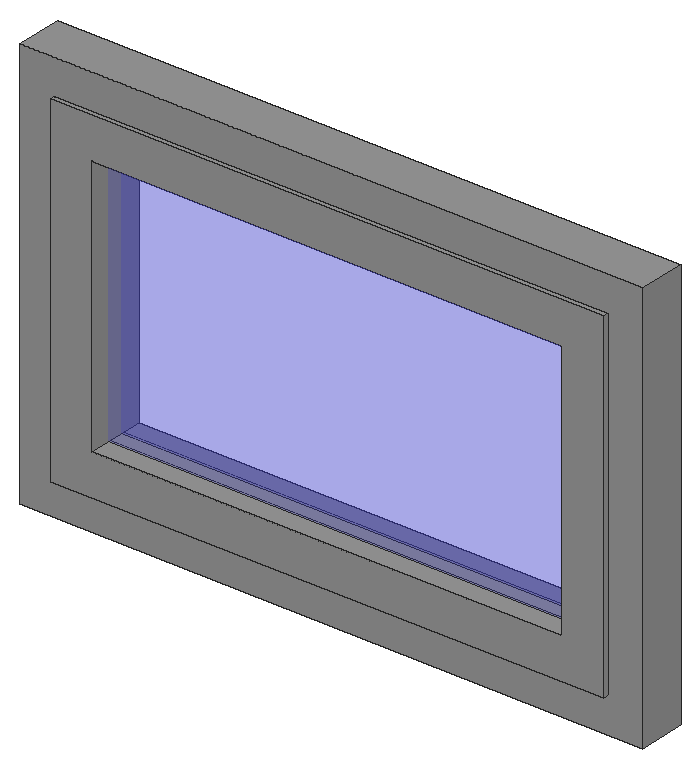
Revit family "Family4", category Windows, host Wall, Revit 2018
Family settings
  Host = Wall
  OmniClass Number = 23.30.20.00
  OmniClass Title = Windows
  Always vertical = Yes
  Cut with Voids When Loaded = No
  Shared = No
  Room Calculation Point = No
Parameters
  Visual Light Transmittance = 0.81
  URL = "www.skywardwindows.co.za"
  Thermal Resistance (R) = 0.3196 (m²·K)/W
  Telephone = "021 276 1800"
  Solar Heat Gain Coefficient = 0.76
  Window = Window
  Manufacturer = "Skyward Windows"
  Height = 590 mm
  Heat Transfer Coefficient (U) = 3.1292 W/(m²·K)
  Glass Thickness = 4 mm
  Glass = Glass
  Email Address = "info@skywardwindows.co.za"
  Default Sill Height = 800 mm
  Wall Closure = By host
  Width = 890 mm
  Company Address = "Charles Matthews Street Atlantis 7349"
  Analytic Construction = "Double glazing - domestic"
Reference planes
  plane 1 "Center (Front/Back)": y = 0
  plane 2 "Center (Left/Right)": x = 0
  plane 3 "Left": x = -445
  plane 4 "Right": x = 445
  plane 5 "Sill": z = 800
  plane 6 "Head": z = 1390
  plane 7 "Exterior": y = 100
  plane 8 "Interior": y = -100
Forms (mm)
  Extrusion 1, solid, material "Window" <- "Window"
    sketch origin (0, -100, 0) x (1, 0, 0) y (0, 0, 1)
      loop
        line (-445, 1390) -> (-445, 800) -> (445, 800) -> (445, 1390) -> (-445, 1390)
      loop
        line (-395, 850) -> (395, 850) -> (395, 1340) -> (-395, 1340) -> (-395, 850)
    from -133.481 to -65.429
  Extrusion 2, solid, material "Window" <- "Window"
    sketch origin (0, -100, 0) x (1, 0, 0) y (0, 0, 1)
      loop
        line (-395, 1340) -> (-395, 850) -> (395, 850) -> (395, 1340) -> (-395, 1340)
      loop
        line (-336, 909) -> (336, 909) -> (336, 1281) -> (-336, 1281) -> (-336, 909)
    from -142 to -58
  Extrusion 3, solid, material "Glass" <- "Glass"
    sketch origin (0, 0, 0) x (1, 0, 0) y (0, 1, 0)
      loop
        line (-336, 14) -> (-336, 10) -> (336, 10) -> (336, 14) -> (-336, 14)
      loop
        line (336, -10) -> (-336, -10) -> (-336, -14) -> (336, -14) -> (336, -10)
    from 909 to 1281
Lines and regions (mm)
  Opening 1
    outline origin (3500, -100, 0) x (1, 0, 0) y (0, 0, 1)
      loop
        line (-3055, 800) -> (-3055, 1390) -> (-3945, 1390) -> (-3945, 800) -> (-3055, 800)
Text (mm)
  text "EXTERIOR" at (-1963.203, 1332.353, 0), in view "Ref. Level"
  text "INTERIOR" at (-1981.466, -818.386, 0), in view "Ref. Level"
  text "Exterior" at (0, 923.751, 2943.296), in view "Right"
  text "Exterior" at (0, 1040.484, 2685.409), in view "Left"
Dimensions and locks
  equal spacing: plane 3 "Left", plane 2 "Center (Left/Right)", plane 4 "Right"
  "Width": plane 3 "Left" to plane 4 "Right"
  "Height": plane 5 "Sill" to plane 6 "Head"
  "Default Sill Height": plane 5 "Sill" to level
  locked: plane 7 "Exterior" to host wall at 0
  locked: plane 8 "Interior" to host wall
  "Glass Thickness": Extrusion 3 to Extrusion 3  (x2)
  aligned and locked: Extrusion 1 sketch curve to host wall  (x4)
Automatic sketch dimensions
  Opening 1 sketch curve to plane 3 "Left" = 0 mm
  Opening 1 sketch curve to plane 4 "Right" = 0 mm
  Opening 1 sketch curve to plane 5 "Sill" = 0 mm
  Opening 1 sketch curve to plane 6 "Head" = 0 mm
  Extrusion 1 sketch curve to plane 3 "Left" = 50 mm
  plane 4 "Right" to Extrusion 1 sketch curve = 50 mm
  Extrusion 1 sketch curve to plane 5 "Sill" = 50 mm
  plane 6 "Head" to Extrusion 1 sketch curve = 50 mm
  Extrusion 2 sketch curve to plane 3 "Left" = 50 mm
  Extrusion 2 sketch curve to Extrusion 2 sketch curve = 59 mm  (x3)
  plane 4 "Right" to Extrusion 2 sketch curve = 50 mm
  Extrusion 2 sketch curve to plane 5 "Sill" = 50 mm
  plane 6 "Head" to Extrusion 2 sketch curve = 109 mm
  plane 6 "Head" to Extrusion 2 sketch curve = 50 mm
  Extrusion 3 sketch curve to host wall = 14 mm
  Extrusion 3 sketch curve to plane 3 "Left" = 109 mm
  host wall to Extrusion 3 sketch curve = 10 mm
  Extrusion 3 sketch curve to Extrusion 3 sketch curve = 0 mm  (x2)
  plane 4 "Right" to Extrusion 3 sketch curve = 109 mm
  Extrusion 3 sketch curve to Extrusion 3 sketch curve = 4 mm  (x2)
